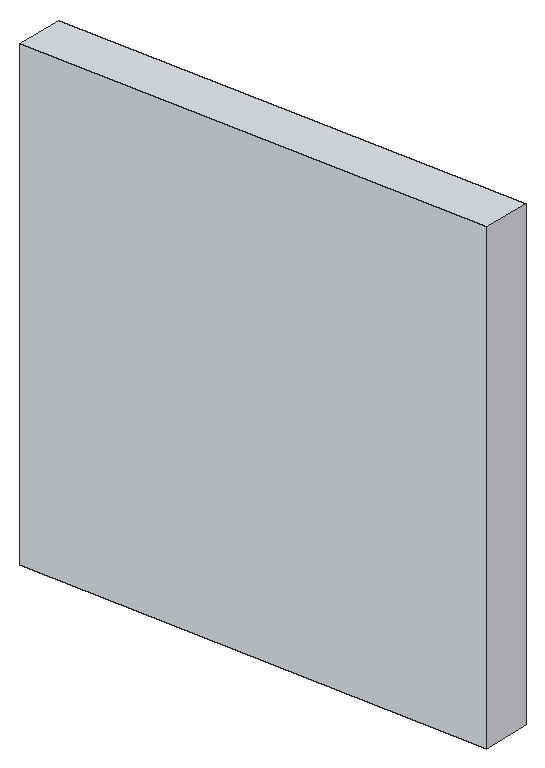
Revit family "SWITCH", category Lighting Devices, Revit 2019
Family settings
  Maintain Annotation Orientation = Yes
  Round Connector Dimension = Use Radius
  Part Type = Switch
  OmniClass Number = 23.85.80.11.27
  OmniClass Title = Lighting Controls
  Work Plane-Based = No
  Always vertical = Yes
  Cut with Voids When Loaded = No
  Shared = No
  Room Calculation Point = No
Parameters (values of type "One Way 1 Gang")
  Switchboard Material = Case
  Switch Type = "W/P"
  Plan Symbol Up [instance] = yes
  Plan Symbol Down [instance] = yes
  Nested Family = 1Gang switch : 1Gang switch
  dY2D [instance] = 0 mm
  dX2D [instance] = 0 mm
  ang2D [instance] = 0.00°
  Width = 10 mm
  Voltage = 230 V
  Real Power = 0 W
  Power Factor = 1
  Number of Poles = 1
  Manufacturer = ""
  Load Classification [instance] = Power
  Length = 86 mm
  Description = "One Way 1 Gang"
  Apparent Power = Real Power / Power Factor  # 0 VA
Reference planes
  plane 1 "Center (Front/Back)": y = 0
  plane 2 "XYPLANE": z = 0
  plane 3 "Center (Left/Right)": x = 0
Nested families
  nested 1: "1Gang switch" at (0, 0, 43), type <- "Nested Family", type "1Gang switch", detail levels medium+fine
  nested 2: "One Gang Switch" at (0, 0, 0), type "One Gang Switch"
    with Width 400 mm, Length 1000 mm
Connectors
  electrical at (0, 0, 43)
    settings: on nested 1, index 1, voltage 0 V, apparent load 0 VA, apparent load phase1 0 VA, apparent load phase2 0 VA, apparent load phase3 0 VA, power factor 1, load classification "Other", number of poles 1, system type 31, power factor state 1, is connector primary yes, connector utility no, sub classification motor no, connector description ""
Definition of nested family "1Gang switch"
  Parameters (values of type "1Gang switch")
    Switchboard Material = none
  Reference planes
    plane 1 "Center (Front/Back)": y = 0
    plane 2: z = 0
    plane 3 "Center (Left/Right)": x = 0
  Forms (mm)
    Extrusion 1, solid
      sketch origin (0, 0, 0) x (1, 0, 0) y (0, 0, -1)
        loop
          line (-43, 43) -> (-43, -43) -> (43, -43) -> (43, 43) -> (-43, 43)
      from 0 to 9
    Extrusion 2, solid
      sketch origin (-7.596, 0, -47.863) x (0, 0, 1) y (0, -1, 0)
        loop
          line (72.863, -14.178) -> (72.863, -9) -> (22.863, -9) -> (72.863, -14.178)
      from -16.768 to 29.596
  Lines and regions (mm)
    symbolic lines
      curve 1: line (10.03, 0, -28.242) -> (-9.97, 0, -28.242)
      curve 2: line (10.03, 0, 28.282) -> (10.03, 0, -28.242)
      curve 3: line (-9.97, 0, 28.282) -> (10.03, 0, 28.282)
      curve 4: line (-9.97, 0, -28.242) -> (-9.97, 0, 28.282)
  Dimensions and locks
    aligned and locked: level to plane 2
Definition of nested family "One Gang Switch"
  Parameters (values of type "One Gang Switch")
    Width [instance] = 400 mm
    Length [instance] = 1000 mm
    Assembly Code = ""
  Reference planes
    plane 1 "Centre (Front/Back)": y = 0
    plane 2: z = 0
    plane 3 "Centre (Left/Right)": x = 0
  Lines and regions (mm)
    Filled region 1, type "Solid Fill - Black", in view "Ref. Level"
      outline origin (0, 0, 0) x (1, 0, 0) y (0, 1, 0)
        loop
          circle (99.512, 223.718) r 31.25
        loop
          circle (0, 31.25) r 31.25
    detail lines, in view "Ref. Level"
      curve 1: circle (0, 31.25, 0) r 31.25 normal (0, 0, 1)
      curve 2: line (14.352, 59.009, 0) -> (85.159, 195.959, 0)
      curve 3: circle (99.512, 223.718, 0) r 31.25 normal (0, 0, 1)
